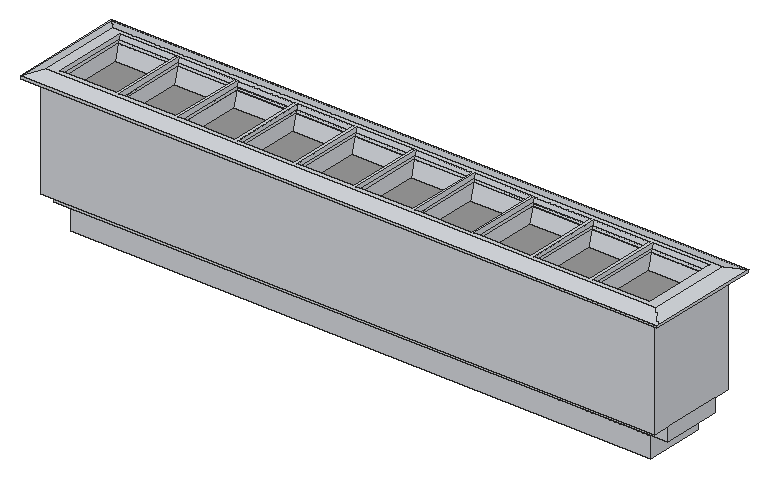
Revit family "2061200 Sylvania Lighting Fixture DOMINO 10xLED 930 WHITE MB TRIM WHITE", category Lighting Fixtures, host Face, Revit 2018
Family settings
  Host = Face
  Round Connector Dimension = Use Diameter
  Part Type = Normal
  OmniClass Number = 23.80.70.00
  OmniClass Title = Lighting
  Cut with Voids When Loaded = No
  Light Source = Yes
  Shared = No
  Room Calculation Point = No
Parameters (values of type "2061200 DOMINO 10XLED 930 WHITE MB TR WHT ")
  top top width = 15.812 mm
  top top length = 255 mm
  Width = 50 mm
  Weight = "n/a"
  Wattage Comments = ""
  Wattage = 9.2903 W
  WarrantyStartDate [instance] = "n/a"
  WarrantyGuarantorParts = "n/a"
  WarrantyDurationUnit = "n/a"
  WarrantyDurationParts = ""
  WarrantyDescription = "http://www.sylvania-lighting.com"
  built-in parameter 1150110 = 1 (stored number, unit not read)
  Voltage = 0 V
  URL = "0.95"
  TypeName = "DOMINO 10xLED 930 WHITE MB TRIM WHITE"
  Type Image = <None>
  Type Comments = "n/a"
  built-in parameter 1114217 = 1 (stored number, unit not read)
  Top Width = 26 mm
  Tilt Angle = 90.00°
  built-in parameter 1150109 = 1 (stored number, unit not read)
  built-in parameter 1150134 = 3
  built-in parameter 1150113 = 1 (stored number, unit not read)
  SerialNumber [instance] = "n/a"
  Recessed Width = 43 mm
  Recessed Length = 276 mm
  Photometric Web File = "2061200.ies"
  Material_3_FEILO = none
  PowerFactor = 0
  PowerConsumption = "Lighting"
  NominalLength = 50 mm
  NominalHeight = 0 mm
  NominalDepth = 0 mm
  Name = "DOMINO 10xLED 930 WHITE MB TRIM WHITE"
  ModelReference = Name  # "DOMINO 10xLED 930 WHITE MB TRIM WHITE"
  ModelNumber = "2061200"
  Model = Name  # "DOMINO 10xLED 930 WHITE MB TRIM WHITE"
  Material = "Feilo Sylvania"
  ManufacturerName = "72 lm/W"
  Manufacturer = ""
  LuminousEfficacy = ""
  built-in parameter 1150105 = 109.82 (stored number, unit not read)
  Lumens = 1380 lm
  LuminaireType = "0"
  built-in parameter 1150115 = 1 (stored number, unit not read)
  LightOutputRatio = "LED"
  built-in parameter 1150137 = (empty or 0)
  built-in parameter 1150139 = (empty or 0)
  Lens inside recess = 25 mm
  Lens Width = 32 mm
  Lens Outside recess = 31.978 mm
  Lens = Glass, White, High Luminance
  Length = 280 mm
  LampsType = Lamp  # "n/a"
  LampNominalLuminous = "3000 K"
  LampMacAdamStep = "90"
  LampColourTemperature = "LED"
  LampColourRenderingIndex = "16500"
  built-in parameter 1150112 = 1 (stored number, unit not read)
  built-in parameter 1150114 = 1 (stored number, unit not read)
  Lamp = "n/a"
  Keynote = "n/a"
  InstallationDate [instance] = "n/a"
  InputVoltage = "0"
  InputNominalFrequency = "3000"
  built-in parameter 1150132 = (empty or 0)
  built-in parameter 1150102 = (empty or 0)
  built-in parameter 1150107 = 3200 (stored number, unit not read)
  built-in parameter 1150138 = (empty or 0)
  IngressProtection = "IfcLightFixtureType"
  ImpactProtectionIndex = "IfcLightFixtureType"
  built-in parameter 1150106 = 1.0982 (stored number, unit not read)
  IfcExportType = "IfcLightFixtureType"
  IfcExportAs = "Class II"
  Facia internal width = 37 mm
  Facia internal length = 268 mm
  Facia Height = 2 mm
  ExpectedLife = 50000
  Emit from Circle Diameter = 609.6 mm
  Emit Shape Visible in Rendering = no
  ElectricShockClassification = "72"
  built-in parameter 1150104 = 13.8 (stored number, unit not read)
  DurationUnit = "hours"
  DocumentationLiterature = "http://www.sylvania-lighting.com/product/en-int/products/2061200"
  DimmingControlOptions = "n/a"
  Material_2_FEILO = none
  Dimming Lamp Color Temperature Shift = <None>
  Description = "Modular LED recessed linear spotlight, ideal for retail and hospitality applications. Die-cast aluminium body, passive cooling. Two levels of reflector installation, low glaring UGR<19. 10x LED source, 30° beam angle , optics: PMMA lens and polycarbonate reflector combination, White matt reflector finish. Light color temperature: 3000K warm white, total system power: 23W , total fixture lumen output: 1650lm, efficacy: 72 lm/W, Ra90 typical, LED chromacity: 3 step MacAdam ellipse (SDCM3), lifespan: 96,000 hours at 90% of the original output (L90B10), IR/UV free light source without heat radiation, operating voltage: 220-240V / 50-60Hz, electronic driver, ultra low flicker, non-dimmable , electrical protection: Class II. Degree of Protection: IP40/IP20, suitable for indoor environment only. Ceiling cut-out: 43x43mm, outer dimensions:  280x50mm trim frame RAL 9016 - Traffic white / Bezel color.5 years Warranty."
  Default Elevation = 1219.2 mm
  CreatedOn = "11/02/2021"
  CreatedBy = "@sylvania-lighting.com"
  Cost = 0
  Color Filter = 16777215
  built-in parameter 1114216 [instance] = (empty or 0)
  ClassificationValue = "EF_70_80"
  ClassificationName = "Uniclass2015"
  Material_1_FEILO = none
  Body Width = 40 mm
  Body Length = 270 mm
  BarCode [instance] = "n/a"
  built-in parameter 1114218 = 1 (stored number, unit not read)
  built-in parameter 1150133 = 10 (stored number, unit not read)
  AssetType = "Fixed"
  AssetIdentifier [instance] = "n/a"
  Assembly Code = "D5020200"
  Apparent Load = 23 VA
  Material_4_FEILO = none
Reference planes
  plane 1 "Center (Front/Back)": y = 0
  plane 2: z = 0
  plane 3 "Center (Left/Right)": x = 0
  plane 4: z = 0
  plane 5: z = -7
  plane 6: z = -45.895
  plane 7: z = -51.895
  plane 8: z = -60.895
  plane 9: x = -138
  plane 10: x = 138
  plane 11: y = 21.5
  plane 12: y = -21.5
  plane 13: x = -140
  plane 14: x = 140
  plane 15: y = 25
  plane 16: y = -25
  plane 17: x = 134
  plane 18: x = -134
  plane 19: y = 18.5
  plane 20: y = -18.5
  plane 21: z = 2
  plane 22: x = -135
  plane 23: x = 135
  plane 24: y = 20
  plane 25: y = -20
  plane 26: y = 13
  plane 27: y = -13
  plane 28: x = 127.5
  plane 29: x = -127.5
  plane 30: x = -132
  plane 31: y = 16.5
  plane 32: y = -16.472
  plane 33: y = 13
  plane 34: y = -12.972
  plane 35: x = 129.7
  plane 36: x = 127.224
Forms (mm)
  Extrusion 1, solid, not visible, detail levels medium+fine
    sketch origin (4.2, 0, 0) x (1, 0, 0) y (0, 1, 0)
      loop
        line (-29.2, 34.5) -> (-29.2, -34.5) -> (20.8, -34.5) -> (20.8, 34.5) -> (-29.2, 34.5)
    from 0 to 1
  Extrusion 2, solid, not visible, detail levels medium+fine
    sketch origin (4.044, 0, 0) x (1, 0, 0) y (0, 1, 0)
      loop
        line (-29.2, 34.5) -> (-29.2, -34.5) -> (20.8, -34.5) -> (20.8, 34.5) -> (-29.2, 34.5)
    from 0 to 1
  Blend 3, solid, not visible, detail levels medium+fine
    base sketch origin (4.2, 0, 0) x (1, 0, 0) y (0, 1, 0)
      loop
        line (-29.2, 34.5) -> (-29.2, -34.5) -> (20.8, -34.5) -> (20.8, 34.5) -> (-29.2, 34.5)
    top sketch origin (4.2, 0, 0) x (1, 0, 0) y (0, 1, 0)
      loop
        line (-21.7, 28) -> (-21.7, -28) -> (13.3, -28) -> (13.3, 28) -> (-21.7, 28)
    from 1 to 3
  Extrusion 4, solid, not visible, detail levels medium+fine
    sketch origin (3.419, 0, 0) x (1, 0, 0) y (0, 1, 0)
      loop
        line (-29.2, 34.5) -> (-29.2, -34.5) -> (20.8, -34.5) -> (20.8, 34.5) -> (-29.2, 34.5)
    from 0 to 1
  Blend 5, solid, not visible, detail levels medium+fine
    base sketch origin (3.575, 0, 0) x (1, 0, 0) y (0, 1, 0)
      loop
        line (-29.2, 34.5) -> (-29.2, -34.5) -> (20.8, -34.5) -> (20.8, 34.5) -> (-29.2, 34.5)
    top sketch origin (3.575, 0, 0) x (1, 0, 0) y (0, 1, 0)
      loop
        line (-21.7, 28) -> (-21.7, -28) -> (13.3, -28) -> (13.3, 28) -> (-21.7, 28)
    from 1 to 3
  Extrusion 6, solid, not visible, detail levels medium+fine
    sketch origin (4.247, 0, 0) x (1, 0, 0) y (0, 1, 0)
      loop
        line (-29.2, 34.5) -> (-29.2, -34.5) -> (20.8, -34.5) -> (20.8, 34.5) -> (-29.2, 34.5)
    from 0 to 1
  Blend 7, solid, not visible, detail levels medium+fine
    base sketch origin (4.403, 0, 0) x (1, 0, 0) y (0, 1, 0)
      loop
        line (-29.2, 34.5) -> (-29.2, -34.5) -> (20.8, -34.5) -> (20.8, 34.5) -> (-29.2, 34.5)
    top sketch origin (4.403, 0, 0) x (1, 0, 0) y (0, 1, 0)
      loop
        line (-21.7, 28) -> (-21.7, -28) -> (13.3, -28) -> (13.3, 28) -> (-21.7, 28)
    from 1 to 3
  Extrusion 8, void, detail levels medium+fine
    sketch origin (4.2, 0, 0) x (0, 1, 0) y (1, 0, 0)
      loop
        line (21.5, -142.2) -> (21.5, 133.8) -> (-21.5, 133.8) -> (-21.5, -142.2) -> (21.5, -142.2)
    from -9.934 to 83.097
  Extrusion 9, solid, detail levels medium+fine
    sketch origin (4.2, 0, 0) x (1, 0, 0) y (0, 1, 0)
      loop
        line (-144.2, 25) -> (-144.2, -25) -> (135.8, -25) -> (135.8, 25) -> (-144.2, 25)
    from 0 to 1
  Extrusion 10, solid, detail levels medium+fine
    sketch origin (4.2, 0, 0) x (1, 0, 0) y (0, 1, 0)
      loop
        line (-139.2, 20) -> (-139.2, -20) -> (130.8, -20) -> (130.8, 20) -> (-139.2, 20)
    from 0 to -45.895
  Extrusion 11, solid, detail levels medium+fine
    sketch origin (4.2, 0, 0) x (1, 0, 0) y (0, 1, 0)
      loop
        line (-139.2, 13) -> (-139.2, -13) -> (130.8, -13) -> (130.8, 13) -> (-139.2, 13)
    from -51.895 to -45.895
  Extrusion 12, solid, material "Glass, White, High Luminance" <- "Lens", detail levels fine
    sketch origin (-53.155, 1221.106, 36.156) x (1, 0, 0) y (0, 1, 0)
      loop
        line (-76.18, -1206.856) -> (-76.18, -1232.856) -> (-52.18, -1232.856) -> (-52.18, -1206.856) -> (-76.18, -1206.856)
    from -43.156 to -42.182
  Blend 13, solid, detail levels medium+fine
    base sketch origin (4.2, 0, 0) x (1, 0, 0) y (0, 1, 0)
      loop
        line (-144.2, 25) -> (-144.2, -25) -> (135.8, -25) -> (135.8, 25) -> (-144.2, 25)
    top sketch origin (4.2, 0, 0) x (1, 0, 0) y (0, 1, 0)
      loop
        line (-138.2, 18.5) -> (-138.2, -18.5) -> (129.8, -18.5) -> (129.8, 18.5) -> (-138.2, 18.5)
    from 1 to 3
  Extrusion 14, solid, detail levels fine
    sketch origin (0, 0, 0) x (1, 0, 0) y (0, 0, 1)
      loop
        line (-127.5, -51.895) -> (-127.5, -60.895) -> (127.5, -60.895) -> (127.5, -51.895) -> (-127.5, -51.895)
    from -13 to 13
  Blend 15, void
    base sketch origin (-59.8, 0, 0) x (0, 1, 0) y (-1, 0, 0)
      loop
        line (16.5, 69.7) -> (-16.472, 69.7) -> (-16.472, 44.7) -> (16.5, 44.7) -> (16.5, 69.7)
    top sketch origin (-59.8, 0, 0) x (0, 1, 0) y (-1, 0, 0)
      loop
        line (13, 69.2) -> (-12.972, 69.2) -> (-12.972, 45.2) -> (13, 45.2) -> (13, 69.2)
    from 3 to -7
  Blend 16, void
    base sketch origin (18.282, 0, 0) x (0, 1, 0) y (-1, 0, 0)
      loop
        line (16.5, 69.7) -> (-16.472, 69.7) -> (-16.472, 44.7) -> (16.5, 44.7) -> (16.5, 69.7)
    top sketch origin (18.282, 0, 0) x (0, 1, 0) y (-1, 0, 0)
      loop
        line (13, 69.2) -> (-12.972, 69.2) -> (-12.972, 45.2) -> (13, 45.2) -> (13, 69.2)
    from 3 to -7
  Blend 17, void
    base sketch origin (44.284, -0.017, 0) x (0, 1, 0) y (-1, 0, 0)
      loop
        line (16.5, 69.7) -> (-16.472, 69.7) -> (-16.472, 44.7) -> (16.5, 44.7) -> (16.5, 69.7)
    top sketch origin (44.284, -0.017, 0) x (0, 1, 0) y (-1, 0, 0)
      loop
        line (13, 69.2) -> (-12.972, 69.2) -> (-12.972, 45.2) -> (13, 45.2) -> (13, 69.2)
    from 3 to -7
  Blend 18, void
    base sketch origin (70.327, 0, 0) x (0, 1, 0) y (-1, 0, 0)
      loop
        line (16.5, 69.7) -> (-16.472, 69.7) -> (-16.472, 44.7) -> (16.5, 44.7) -> (16.5, 69.7)
    top sketch origin (70.327, 0, 0) x (0, 1, 0) y (-1, 0, 0)
      loop
        line (13, 69.2) -> (-12.972, 69.2) -> (-12.972, 45.2) -> (13, 45.2) -> (13, 69.2)
    from 3 to -7
  Blend 19, void
    base sketch origin (96.351, 0, 0) x (0, 1, 0) y (-1, 0, 0)
      loop
        line (16.5, 69.7) -> (-16.472, 69.7) -> (-16.472, 44.7) -> (16.5, 44.7) -> (16.5, 69.7)
    top sketch origin (96.351, 0, 0) x (0, 1, 0) y (-1, 0, 0)
      loop
        line (13, 69.2) -> (-12.972, 69.2) -> (-12.972, 45.2) -> (13, 45.2) -> (13, 69.2)
    from 3 to -7
  Extrusion 20, solid, material "Glass, White, High Luminance" <- "Lens", detail levels fine
    sketch origin (-29.269, 1219.946, 36.156) x (1, 0, 0) y (0, 1, 0)
      loop
        line (-73.723, -1206.946) -> (-73.723, -1232.946) -> (-49.723, -1232.946) -> (-49.723, -1206.946) -> (-73.723, -1206.946)
    from -43.156 to -42.182
  Extrusion 21, solid, material "Glass, White, High Luminance" <- "Lens", detail levels fine
    sketch origin (-0.613, 1219.733, 36.156) x (1, 0, 0) y (0, 1, 0)
      loop
        line (-76.347, -1206.7) -> (-76.347, -1232.733) -> (-52.347, -1232.733) -> (-52.347, -1206.7) -> (-76.347, -1206.7)
    from -43.156 to -42.182
  Extrusion 22, solid, material "Glass, White, High Luminance" <- "Lens", detail levels fine
    sketch origin (24.387, 1218.509, 36.156) x (1, 0, 0) y (0, 1, 0)
      loop
        line (-75.305, -1205.509) -> (-75.305, -1231.509) -> (-51.305, -1231.509) -> (-51.305, -1205.509) -> (-75.305, -1205.509)
    from -43.156 to -42.182
  Extrusion 23, solid, material "Glass, White, High Luminance" <- "Lens", detail levels fine
    sketch origin (51.187, 1219.547, 36.156) x (1, 0, 0) y (0, 1, 0)
      loop
        line (-76.102, -1206.547) -> (-76.102, -1232.547) -> (-52.102, -1232.547) -> (-52.102, -1206.547) -> (-76.102, -1206.547)
    from -43.156 to -42.182
  Blend 24, void
    base sketch origin (-33.792, 0, 0) x (0, 1, 0) y (-1, 0, 0)
      loop
        line (16.5, 69.7) -> (-16.472, 69.7) -> (-16.472, 44.7) -> (16.5, 44.7) -> (16.5, 69.7)
    top sketch origin (-33.792, 0, 0) x (0, 1, 0) y (-1, 0, 0)
      loop
        line (13, 69.2) -> (-12.972, 69.2) -> (-12.972, 45.2) -> (13, 45.2) -> (13, 69.2)
    from 3 to -7
  Blend 25, void
    base sketch origin (-7.76, 0, 0) x (0, 1, 0) y (-1, 0, 0)
      loop
        line (16.5, 69.7) -> (-16.472, 69.7) -> (-16.472, 44.7) -> (16.5, 44.7) -> (16.5, 69.7)
    top sketch origin (-7.76, 0, 0) x (0, 1, 0) y (-1, 0, 0)
      loop
        line (13, 69.2) -> (-12.972, 69.2) -> (-12.972, 45.2) -> (13, 45.2) -> (13, 69.2)
    from 3 to -7
  Blend 26, void
    base sketch origin (122.411, 0, 0) x (0, 1, 0) y (-1, 0, 0)
      loop
        line (16.5, 69.7) -> (-16.472, 69.7) -> (-16.472, 44.7) -> (16.5, 44.7) -> (16.5, 69.7)
    top sketch origin (122.411, 0, 0) x (0, 1, 0) y (-1, 0, 0)
      loop
        line (13, 69.2) -> (-12.972, 69.2) -> (-12.972, 45.2) -> (13, 45.2) -> (13, 69.2)
    from 3 to -7
  Extrusion 27, solid, material "Glass, White, High Luminance" <- "Lens", detail levels fine
    sketch origin (77.265, 1219.547, 36.156) x (1, 0, 0) y (0, 1, 0)
      loop
        line (-76.102, -1206.547) -> (-76.102, -1232.547) -> (-52.102, -1232.547) -> (-52.102, -1206.547) -> (-76.102, -1206.547)
    from -43.156 to -42.182
  Extrusion 28, solid, material "Glass, White, High Luminance" <- "Lens", detail levels fine
    sketch origin (100.753, 1219.547, 36.156) x (1, 0, 0) y (0, 1, 0)
      loop
        line (-76.102, -1206.547) -> (-76.102, -1232.547) -> (-52.102, -1232.547) -> (-52.102, -1206.547) -> (-76.102, -1206.547)
    from -43.156 to -42.182
  Extrusion 29, solid, material "Glass, White, High Luminance" <- "Lens", detail levels fine
    sketch origin (129.314, 1219.547, 36.156) x (1, 0, 0) y (0, 1, 0)
      loop
        line (-76.102, -1206.547) -> (-76.102, -1232.547) -> (-52.102, -1232.547) -> (-52.102, -1206.547) -> (-76.102, -1206.547)
    from -43.156 to -42.182
  Blend 30, void
    base sketch origin (148.416, 0, 0) x (0, 1, 0) y (-1, 0, 0)
      loop
        line (16.5, 69.7) -> (-16.472, 69.7) -> (-16.472, 44.7) -> (16.5, 44.7) -> (16.5, 69.7)
    top sketch origin (148.416, 0, 0) x (0, 1, 0) y (-1, 0, 0)
      loop
        line (13, 69.2) -> (-12.972, 69.2) -> (-12.972, 45.2) -> (13, 45.2) -> (13, 69.2)
    from 3 to -7
  Extrusion 31, solid, material "Glass, White, High Luminance" <- "Lens", detail levels fine
    sketch origin (155.278, 1219.547, 36.156) x (1, 0, 0) y (0, 1, 0)
      loop
        line (-76.102, -1206.547) -> (-76.102, -1232.547) -> (-52.102, -1232.547) -> (-52.102, -1206.547) -> (-76.102, -1206.547)
    from -43.156 to -42.182
  Blend 32, void
    base sketch origin (174.42, 0, 0) x (0, 1, 0) y (-1, 0, 0)
      loop
        line (16.5, 69.7) -> (-16.472, 69.7) -> (-16.472, 44.7) -> (16.5, 44.7) -> (16.5, 69.7)
    top sketch origin (174.42, 0, 0) x (0, 1, 0) y (-1, 0, 0)
      loop
        line (13, 69.2) -> (-12.972, 69.2) -> (-12.972, 45.2) -> (13, 45.2) -> (13, 69.2)
    from 3 to -7
  Extrusion 33, solid, material "Glass, White, High Luminance" <- "Lens", detail levels fine
    sketch origin (181.434, 1219.547, 36.156) x (1, 0, 0) y (0, 1, 0)
      loop
        line (-76.214, -1206.547) -> (-76.214, -1232.547) -> (-52.214, -1232.547) -> (-52.214, -1206.547) -> (-76.214, -1206.547)
    from -43.156 to -42.182
  Extrusion 34, solid, detail levels coarse
    sketch origin (4.2, 0, 0) x (1, 0, 0) y (0, 1, 0)
      loop
        line (-144.2, 25) -> (-144.2, -25) -> (135.8, -25) -> (135.8, 25) -> (-144.2, 25)
    from -60.895 to 3
Cuts and joins
  Blend 15, Blend 16, Blend 17, Blend 18, Blend 19, Blend 24, Blend 25, Blend 26, Blend 30, Blend 32 cuts Extrusion 9
  Blend 15, Blend 16, Blend 17, Blend 18, Blend 19, Blend 24, Blend 25, Blend 26, Blend 30, Blend 32 cuts Extrusion 10
  Blend 15, Blend 16, Blend 17, Blend 18, Blend 19, Blend 24, Blend 25, Blend 26, Blend 30, Blend 32 cuts Blend 13
  Blend 32 cuts Extrusion 31
Dimensions and locks
  "Recessed Length": plane 9 to plane 10
  equal spacing: plane 9, plane 3 "Center (Left/Right)", plane 10
  "Length": plane 13 to plane 14
  equal spacing: plane 13, plane 3 "Center (Left/Right)", plane 14
  "Recessed Width": plane 11 to plane 12
  equal spacing: plane 11, plane 1 "Center (Front/Back)", plane 12
  "Width": plane 15 to plane 16
  equal spacing: plane 15, plane 1 "Center (Front/Back)", plane 16
  "Facia internal length": plane 18 to plane 17
  equal spacing: plane 18, plane 3 "Center (Left/Right)", plane 17
  "Facia internal width": plane 19 to plane 20
  equal spacing: plane 19, plane 1 "Center (Front/Back)", plane 20
  "Facia Height": plane 21 to host face
  "Body Length": plane 22 to plane 23
  equal spacing: plane 22, plane 3 "Center (Left/Right)", plane 23
  "Body Width": plane 24 to plane 25
  equal spacing: plane 24, plane 1 "Center (Front/Back)", plane 25
  "Top Width": plane 26 to plane 27
  equal spacing: plane 26, plane 1 "Center (Front/Back)", plane 27
  "top top length": plane 29 to plane 28
  equal spacing: plane 29, plane 3 "Center (Left/Right)", plane 28  (x2)
  plane 28 to plane 29 = 255 mm
  equal spacing: plane 28, plane 3 "Center (Left/Right)", plane 29
  aligned and locked: plane 2 to host face
  aligned and locked: level to host face
  aligned and locked: Extrusion 11 to plane 7
  aligned and locked: Extrusion 10 to plane 6
  aligned and locked: Extrusion 12 to plane 5
Automatic sketch dimensions
  Extrusion 1 sketch curve to Extrusion 1 sketch curve = 50 mm
  Extrusion 1 sketch curve to Extrusion 1 sketch curve = 69 mm
  Extrusion 2 sketch curve to Extrusion 2 sketch curve = 50 mm
  Extrusion 2 sketch curve to Extrusion 2 sketch curve = 69 mm
  Blend 3 sketch curve to Blend 3 sketch curve = 50 mm
  Blend 3 sketch curve to Blend 3 sketch curve = 69 mm
  Blend 3 sketch curve to Blend 3 sketch curve = 35 mm
  Blend 3 sketch curve to Blend 3 sketch curve = 56 mm
  Extrusion 4 sketch curve to Extrusion 4 sketch curve = 50 mm
  Extrusion 4 sketch curve to Extrusion 4 sketch curve = 69 mm
  Blend 5 sketch curve to Blend 5 sketch curve = 50 mm
  Blend 5 sketch curve to Blend 5 sketch curve = 69 mm
  Blend 5 sketch curve to Blend 5 sketch curve = 35 mm
  Blend 5 sketch curve to Blend 5 sketch curve = 56 mm
  Extrusion 6 sketch curve to Extrusion 6 sketch curve = 50 mm
  Extrusion 6 sketch curve to Extrusion 6 sketch curve = 69 mm
  Blend 7 sketch curve to Blend 7 sketch curve = 50 mm
  Blend 7 sketch curve to Blend 7 sketch curve = 69 mm
  Blend 7 sketch curve to Blend 7 sketch curve = 35 mm
  Blend 7 sketch curve to Blend 7 sketch curve = 56 mm
  host sketch curve to host sketch curve = 2438.4 mm  (x2)
  Extrusion 8 sketch curve to plane 9 = 0 mm
  Extrusion 8 sketch curve to plane 12 = 0 mm
  Extrusion 8 sketch curve to plane 11 = 0 mm
  Extrusion 8 sketch curve to plane 10 = 0 mm
  Extrusion 9 sketch curve to plane 13 = 0 mm
  Extrusion 9 sketch curve to plane 14 = 0 mm
  Extrusion 9 sketch curve to plane 16 = 0 mm
  Extrusion 9 sketch curve to plane 15 = 0 mm
  Extrusion 10 sketch curve to plane 22 = 0 mm
  Extrusion 10 sketch curve to plane 23 = 0 mm
  Extrusion 10 sketch curve to plane 25 = 0 mm
  Extrusion 10 sketch curve to plane 24 = 0 mm
  Extrusion 11 sketch curve to plane 22 = 0 mm
  Extrusion 11 sketch curve to plane 23 = 0 mm
  Extrusion 11 sketch curve to plane 27 = 0 mm
  plane 26 to Extrusion 11 sketch curve = 0 mm
  plane 27 to Extrusion 12 sketch curve = 1.25 mm
  plane 26 to Extrusion 12 sketch curve = 1.25 mm
  plane 30 to Extrusion 12 sketch curve = 2.665 mm
  Blend 13 sketch curve to plane 13 = 0 mm
  Blend 13 sketch curve to plane 14 = 0 mm
  Blend 13 sketch curve to plane 16 = 0 mm
  Blend 13 sketch curve to plane 15 = 0 mm
  Blend 13 sketch curve to plane 18 = 0 mm
  Blend 13 sketch curve to plane 17 = 0 mm
  Blend 13 sketch curve to plane 20 = 0 mm
  Blend 13 sketch curve to plane 19 = 0 mm
  Extrusion 14 sketch curve to plane 8 = 0 mm
  Extrusion 14 sketch curve to plane 29 = 0 mm
  Extrusion 14 sketch curve to plane 28 = 0 mm
  Extrusion 14 sketch curve to plane 7 = 0 mm
  plane 30 to Blend 15 sketch curve = 2.5 mm
  Blend 15 sketch curve to plane 32 = 0 mm
  Blend 15 sketch curve to plane 31 = 0 mm
  Blend 15 sketch curve to plane 34 = 0 mm
  Blend 15 sketch curve to plane 26 = 0 mm
  plane 30 to Blend 15 sketch curve = 3 mm
  Blend 16 sketch curve to plane 32 = 0 mm
  Blend 16 sketch curve to plane 31 = 0 mm
  Blend 16 sketch curve to plane 34 = 0 mm
  Blend 16 sketch curve to plane 26 = 0 mm
  Blend 17 sketch curve to plane 32 = 0.017 mm
  Blend 17 sketch curve to plane 31 = 0.017 mm
  plane 27 to Blend 17 sketch curve = 0.011 mm
  Blend 17 sketch curve to plane 26 = 0.017 mm
  plane 32 to Blend 18 sketch curve = 0 mm
  plane 31 to Blend 18 sketch curve = 0 mm
  plane 34 to Blend 18 sketch curve = 0 mm
  plane 26 to Blend 18 sketch curve = 0 mm
  Blend 19 sketch curve to plane 32 = 0 mm
  Blend 19 sketch curve to plane 31 = 0 mm
  Blend 19 sketch curve to plane 34 = 0 mm
  Blend 19 sketch curve to plane 26 = 0 mm
  Extrusion 20 sketch curve to plane 27 = 0 mm
  Extrusion 20 sketch curve to plane 26 = 0 mm
  Extrusion 21 sketch curve to plane 27 = 0 mm
  plane 26 to Extrusion 21 sketch curve = 0.033 mm
  Extrusion 22 sketch curve to plane 27 = 0 mm
  Extrusion 22 sketch curve to plane 26 = 0 mm
  Extrusion 23 sketch curve to plane 27 = 0 mm
  Extrusion 23 sketch curve to plane 26 = 0 mm
  Blend 24 sketch curve to plane 32 = 0 mm
  Blend 24 sketch curve to plane 31 = 0 mm
  Blend 24 sketch curve to plane 34 = 0 mm
  Blend 24 sketch curve to plane 26 = 0 mm
  Blend 25 sketch curve to plane 32 = 0 mm
  Blend 25 sketch curve to plane 31 = 0 mm
  Blend 25 sketch curve to plane 34 = 0 mm
  Blend 25 sketch curve to plane 26 = 0 mm
  Blend 26 sketch curve to plane 32 = 0 mm
  Blend 26 sketch curve to plane 31 = 0 mm
  Blend 26 sketch curve to plane 34 = 0 mm
  Blend 26 sketch curve to plane 26 = 0 mm
  Extrusion 27 sketch curve to plane 27 = 0 mm
  Extrusion 27 sketch curve to plane 26 = 0 mm
  Extrusion 28 sketch curve to plane 27 = 0 mm
  Extrusion 28 sketch curve to plane 26 = 0 mm
  Extrusion 29 sketch curve to plane 27 = 0 mm
  Extrusion 29 sketch curve to plane 26 = 0 mm
  Blend 30 sketch curve to plane 32 = 0 mm
  Blend 30 sketch curve to plane 31 = 0 mm
  Blend 30 sketch curve to plane 34 = 0 mm
  Blend 30 sketch curve to plane 26 = 0 mm
  Extrusion 31 sketch curve to plane 27 = 0 mm
  Extrusion 31 sketch curve to plane 26 = 0 mm
  Blend 32 sketch curve to plane 32 = 0 mm
  Blend 32 sketch curve to plane 31 = 0 mm
  plane 28 to Blend 32 sketch curve = 2.22 mm
  Blend 32 sketch curve to plane 34 = 0 mm
  Blend 32 sketch curve to plane 26 = 0 mm
  plane 28 to Blend 32 sketch curve = 1.72 mm
  plane 27 to Extrusion 33 sketch curve = 0 mm
  plane 26 to Extrusion 33 sketch curve = 0 mm
  plane 28 to Extrusion 33 sketch curve = 1.72 mm
  Extrusion 21 sketch curve to Extrusion 21 sketch curve = 24 mm
  Blend 25 sketch curve to Blend 25 sketch curve = 24 mm
  plane 29 to Extrusion 12 sketch curve = 22.165 mm
  plane 29 to Blend 15 sketch curve = 23 mm
  plane 29 to Blend 15 sketch curve = 22.5 mm
  plane 29 to Extrusion 20 sketch curve = 24.508 mm
  Extrusion 20 sketch curve to Extrusion 20 sketch curve = 24 mm
  plane 29 to Blend 24 sketch curve = 49.008 mm
  plane 29 to Blend 24 sketch curve = 24.008 mm
  plane 29 to Blend 24 sketch curve = 48.508 mm
  Blend 24 sketch curve to Blend 24 sketch curve = 24 mm
  Blend 25 sketch curve to Blend 25 sketch curve = 25 mm
  Blend 16 sketch curve to Blend 16 sketch curve = 25 mm
  Blend 16 sketch curve to Blend 16 sketch curve = 24 mm
  plane 29 to Extrusion 21 sketch curve = 50.54 mm
  Extrusion 22 sketch curve to Extrusion 22 sketch curve = 24 mm
  Blend 16 sketch curve to plane 3 "Center (Left/Right)" = 26.418 mm
  Blend 16 sketch curve to plane 3 "Center (Left/Right)" = 26.918 mm
  Blend 17 sketch curve to plane 3 "Center (Left/Right)" = 0.416 mm
  Blend 17 sketch curve to Blend 17 sketch curve = 25 mm
  Blend 17 sketch curve to plane 3 "Center (Left/Right)" = 0.916 mm
  Blend 17 sketch curve to Blend 17 sketch curve = 24 mm
  plane 3 "Center (Left/Right)" to Blend 18 sketch curve = 0.627 mm
  plane 3 "Center (Left/Right)" to Blend 18 sketch curve = 1.127 mm
  Extrusion 22 sketch curve to plane 3 "Center (Left/Right)" = 50.918 mm
  Extrusion 23 sketch curve to plane 3 "Center (Left/Right)" = 24.916 mm
  Extrusion 23 sketch curve to plane 3 "Center (Left/Right)" = 0.916 mm
  Blend 25 sketch curve to plane 3 "Center (Left/Right)" = 52.46 mm
  Blend 25 sketch curve to plane 3 "Center (Left/Right)" = 52.96 mm
  plane 3 "Center (Left/Right)" to Extrusion 27 sketch curve = 1.162 mm
  Blend 18 sketch curve to Blend 18 sketch curve = 25 mm
  Blend 18 sketch curve to Blend 18 sketch curve = 24 mm
  plane 3 "Center (Left/Right)" to Blend 19 sketch curve = 51.651 mm
  Blend 19 sketch curve to Blend 19 sketch curve = 25 mm
  plane 3 "Center (Left/Right)" to Blend 19 sketch curve = 51.151 mm
  Blend 19 sketch curve to Blend 19 sketch curve = 24 mm
  Blend 26 sketch curve to plane 36 = 49.513 mm
  Blend 26 sketch curve to Blend 26 sketch curve = 25 mm
  Blend 26 sketch curve to plane 36 = 50.013 mm
  Blend 26 sketch curve to Blend 26 sketch curve = 24 mm
  Extrusion 27 sketch curve to Extrusion 27 sketch curve = 24 mm
  plane 3 "Center (Left/Right)" to Extrusion 28 sketch curve = 24.651 mm
  Extrusion 28 sketch curve to Extrusion 28 sketch curve = 24 mm
  plane 3 "Center (Left/Right)" to Extrusion 29 sketch curve = 53.211 mm
  Extrusion 29 sketch curve to Extrusion 29 sketch curve = 24 mm
  Blend 30 sketch curve to plane 36 = 23.508 mm
  Blend 30 sketch curve to Blend 30 sketch curve = 25 mm
  Blend 30 sketch curve to plane 36 = 24.008 mm
  Blend 30 sketch curve to Blend 30 sketch curve = 24 mm
  Extrusion 31 sketch curve to plane 36 = 48.048 mm
  Extrusion 31 sketch curve to Extrusion 31 sketch curve = 24 mm
  Blend 32 sketch curve to plane 36 = 22.504 mm
  Blend 32 sketch curve to plane 36 = 22.004 mm
  Extrusion 33 sketch curve to plane 36 = 22.004 mm
  Extrusion 34 sketch curve to plane 13 = 0 mm
  Extrusion 34 sketch curve to plane 14 = 0 mm
  Extrusion 34 sketch curve to plane 16 = 0 mm
  Extrusion 34 sketch curve to plane 15 = 0 mm
Connectors
  electrical at (0, 0, -60.895)
    settings: on Extrusion 14, index 1, voltage 0 V, apparent load 0 VA, apparent load phase1 0 VA, apparent load phase2 0 VA, apparent load phase3 0 VA, power factor 1, load classification "Other", number of poles 1, system type 31, power factor state 1, is connector primary yes, connector utility no, sub classification motor no, connector description ""
